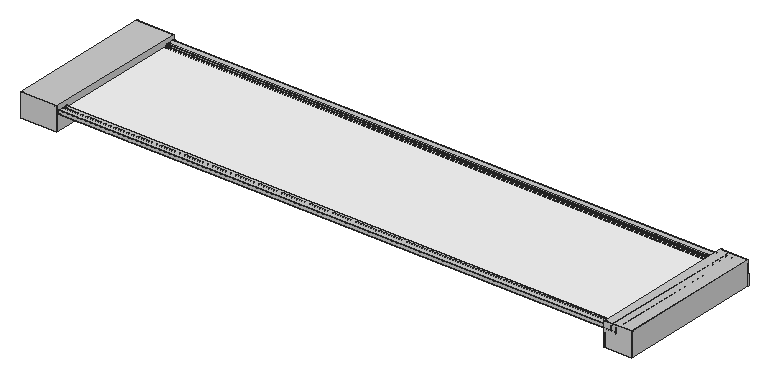
Revit family "DSI-HHS10B_2HR_Horizontal-Fire-Curtain_Jamb_Door-Systems", category Specialty Equipment, Revit 2026
Family settings
  Round Connector Dimension = Use Diameter
  Part Type = Normal
  Classification Number = 23.30.60.17
  Work Plane-Based = No
  Enable Cutting in Views = No
  Always vertical = Yes
  Cut with Voids When Loaded = No
  Maintain Annotation Orientation = No
  Shared = No
  Room Calculation Point = No
Parameters
  Type Comments = ""
  Specifications = "https://www.arcat.com/company/door-systems-50183/spec"
  Specification = ""
  Product Page URL = ""
  Product Information = "https://www.arcat.com/arcatcos/cos50/arc50183.html"
  Primed Steel = "Primed Steel"
  Keynote = "08 33 44"
  Height (TBH) Tail end Box [instance] = 0' - 11.81"
  Description = ""
  Default Elevation = 0' - 0"
  Cost = 0
  Copyright = "Arcat, Inc."
  Curtain Width [instance] = 5' - 3"
  URL = "https://www.doorsysinc.com"
  Width (TBW) Tail end Box [instance] = 1' - 1 3/4"
  Schematic Floor = no
  Power Supply = "120v"
  Open Fire Curtain = yes
  Motor = "INTERNAL, ELECTRIC, TUBULER GEARED CONSTANT SPEED MOTOR"
  Model = "DSI-HHS10B 2HR HorizontalnCurtain Jamb"
  Manufacturer = "Door Systems"
  Width (HBW) Head Box [instance] = 1' - 6 1/2"
  Height (HBH) Head Box [instance] = 0' - 11 3/4"
  Guide Rail = "2 mm THK PRIMED STEEL GUIDE RAIL"
  End Plate = "3mmTHK PRIMED STEEL END PLATES AND BRACKETS"
  Curtain Fabric = "HS690-SS FABRIC- UL 10B"
  Curtain Box = "1.2mmTHK PRIMED STEEL"
  Curtain = Curtain
  Curtain Length [instance] = 23' - 0"
  CAD Details = ""
  Bottom Bar = "2mm THK  PRIMED STEEL  BOTTOM BAR"
  Assembly Code = ""
Reference planes (in)
  plane 1 "Center (Front/Back)": y = 0
  plane 2: z = 0.04835
  plane 3 "Center (Left/Right)": x = 0
  plane 4: y = 48
  plane 5: y = -25.62376
  plane 6: x = -48
  plane 7: x = 260.25
  plane 8: x = -29.5
  plane 9: x = 246.5
  plane 10: y = 43.47244
  plane 11: y = -21.0962
  plane 12: z = 0
  plane 13: z = 11.75
  plane 14: z = 8.30906
  plane 15: x = -34.22047
  plane 16: x = 252.40133
  plane 17: z = 10.90207
  plane 18: y = 47.2126
  plane 19: y = -24.84251
  plane 20: y = -25.57689
  plane 21: y = 47.95312
  plane 22: z = 9.7997
  plane 23: z = 9.75283
  plane 24: z = -0.06
  plane 25: z = -0.01312
  plane 26: z = 11.70276
  plane 27: x = -45.24409
  plane 28: x = -33.76735
  plane 29: x = -47.95312
  plane 30: x = -29.54687
  plane 31: y = -20.31495
  plane 32: y = 42.68505
  plane 33 "Cloth Superior": z = 9.0123
  plane 34: z = 8.96543
Forms (in)
  Extrusion 1, solid, material "Steel, Paint Finish, Dark Gray, Matte"
    sketch origin (0, -119.95313, 0) x (1, 0, 0) y (0, 0, 1)
      loop
        line (-48, 11.65551) -> (-48, -0.06) -> (-29.5, -0.06) -> (-29.5, 11.75) -> (-47.90551, 11.75)
        arc (-47.90551, 11.75) -> (-47.97233, 11.72233) -> (-48, 11.65551) r 0.09449
    from -94.37624 to -94.32936
  Extrusion 2, solid, material "Steel, Paint Finish, Dark Gray, Matte"
    sketch origin (0, -36, 0) x (1, 0, 0) y (0, 0, 1)
      loop
        line (-48, 11.65551) -> (-48, -0.06) -> (-29.5, -0.06) -> (-29.5, 11.75) -> (-47.90551, 11.75)
        arc (-47.90551, 11.75) -> (-47.97233, 11.72233) -> (-48, 11.65551) r 0.09449
    from -84 to -83.95312
  Extrusion 3, solid, material "Steel, Paint Finish, Dark Gray, Matte"
    sketch origin (0, -35.95313, 0) x (1, 0, 0) y (0, 0, 1)
      loop
        line (246.49582, -0.06) -> (260.24582, -0.06) -> (260.24582, 11.65551)
        arc (260.24582, 11.65551) -> (260.21814, 11.72233) -> (260.15133, 11.75) r 0.09449
        line (260.15133, 11.75) -> (246.49582, 11.75) -> (246.49582, -0.06)
    from -10.37624 to -10.32936
  Extrusion 4, solid, material "Steel, Paint Finish, Dark Gray, Matte"
    sketch origin (0, 48, 0) x (1, 0, 0) y (0, 0, 1)
      loop
        line (246.49582, -0.06) -> (260.24582, -0.06) -> (260.24582, 11.65551)
        arc (260.24582, 11.65551) -> (260.21814, 11.72233) -> (260.15133, 11.75) r 0.09449
        line (260.15133, 11.75) -> (246.49582, 11.75) -> (246.49582, -0.06)
    from 0 to 0.04688
  Extrusion 5, solid, material "Galvanized Steel"
    sketch origin (0, 1.56963, 0.2623) x (0, 1, 0) y (0, 0, 1)
      loop
        line (-21.88458, 8.86811) -> (-21.88458, 9.41929)
        arc (-21.88458, 9.41929) -> (-21.91918, 9.50281) -> (-22.00269, 9.5374) r 0.11811
        line (-22.00269, 9.5374) -> (-26.29403, 9.5374)
        arc (-26.29403, 9.5374) -> (-26.37755, 9.50281) -> (-26.41214, 9.41929) r 0.11811
        line (-26.41214, 9.41929) -> (-26.41214, 7.68701)
        arc (-26.41214, 7.68701) -> (-26.37755, 7.60349) -> (-26.29403, 7.5689) r 0.11811
        line (-26.29403, 7.5689) -> (-22.00269, 7.5689)
        arc (-22.00269, 7.5689) -> (-21.91918, 7.60349) -> (-21.88458, 7.68701) r 0.11811
        line (-21.88458, 7.68701) -> (-21.88458, 8.23819)
        arc (-21.88458, 8.23819) -> (-21.91918, 8.32171) -> (-22.00269, 8.3563) r 0.11811
        line (-22.00269, 8.3563) -> (-23.14443, 8.3563)
        arc (-23.14443, 8.3563) -> (-23.22794, 8.32171) -> (-23.26254, 8.23819) r 0.11811
        line (-23.26254, 8.23819) -> (-23.26254, 7.68701) -> (-23.1838, 7.68701) -> (-23.1838, 8.23819)
        arc (-23.1838, 8.23819) -> (-23.17227, 8.26603) -> (-23.14443, 8.27756) r 0.03937
        line (-23.14443, 8.27756) -> (-22.00269, 8.27756)
        arc (-22.00269, 8.27756) -> (-21.97486, 8.26603) -> (-21.96332, 8.23819) r 0.03937
        line (-21.96332, 8.23819) -> (-21.96332, 7.68701)
        arc (-21.96332, 7.68701) -> (-21.97486, 7.65917) -> (-22.00269, 7.64764) r 0.03937
        line (-22.00269, 7.64764) -> (-26.29403, 7.64764)
        arc (-26.29403, 7.64764) -> (-26.32187, 7.65917) -> (-26.3334, 7.68701) r 0.03937
        line (-26.3334, 7.68701) -> (-26.3334, 9.41929)
        arc (-26.3334, 9.41929) -> (-26.32187, 9.44713) -> (-26.29403, 9.45866) r 0.03937
        line (-26.29403, 9.45866) -> (-22.00269, 9.45866)
        arc (-22.00269, 9.45866) -> (-21.97486, 9.44713) -> (-21.96332, 9.41929) r 0.03937
        line (-21.96332, 9.41929) -> (-21.96332, 8.86811)
        arc (-21.96332, 8.86811) -> (-21.97486, 8.84027) -> (-22.00269, 8.82874) r 0.03937
        line (-22.00269, 8.82874) -> (-23.14443, 8.82874)
        arc (-23.14443, 8.82874) -> (-23.17227, 8.84027) -> (-23.1838, 8.86811) r 0.03937
        line (-23.1838, 8.86811) -> (-23.1838, 9.43307) -> (-23.26254, 9.43307) -> (-23.26254, 8.86811)
        arc (-23.26254, 8.86811) -> (-23.22794, 8.78459) -> (-23.14443, 8.75) r 0.11811
        line (-23.14443, 8.75) -> (-22.00269, 8.75)
        arc (-22.00269, 8.75) -> (-21.91918, 8.78459) -> (-21.88458, 8.86811) r 0.11811
    from -29.54687 to 252.40133
  Extrusion 6, solid, material "Steel, Paint Finish, Dark Gray, Matte"
    sketch origin (0, 0, -1.0631) x (0, 1, 0) y (0, 0, 1)
      loop
        line (44.063, 10.79774) -> (43.98426, 10.79774) -> (43.98426, 10.23278)
        arc (43.98426, 10.23278) -> (43.97273, 10.20494) -> (43.94489, 10.19341) r 0.03937
        line (43.94489, 10.19341) -> (42.80316, 10.19341)
        arc (42.80316, 10.19341) -> (42.77532, 10.20494) -> (42.76379, 10.23278) r 0.03937
        line (42.76379, 10.23278) -> (42.76379, 10.78396)
        arc (42.76379, 10.78396) -> (42.77532, 10.8118) -> (42.80316, 10.82333) r 0.03937
        line (42.80316, 10.82333) -> (47.09449, 10.82333)
        arc (47.09449, 10.82333) -> (47.12233, 10.8118) -> (47.13386, 10.78396) r 0.03937
        line (47.13386, 10.78396) -> (47.13386, 9.05167)
        arc (47.13386, 9.05167) -> (47.12233, 9.02383) -> (47.09449, 9.0123) r 0.03937
        line (47.09449, 9.0123) -> (42.80316, 9.0123)
        arc (42.80316, 9.0123) -> (42.77532, 9.02383) -> (42.76379, 9.05167) r 0.03937
        line (42.76379, 9.05167) -> (42.76379, 9.60285)
        arc (42.76379, 9.60285) -> (42.77532, 9.63069) -> (42.80316, 9.64222) r 0.03937
        line (42.80316, 9.64222) -> (43.94489, 9.64222)
        arc (43.94489, 9.64222) -> (43.97273, 9.63069) -> (43.98426, 9.60285) r 0.03937
        line (43.98426, 9.60285) -> (43.98426, 9.05167) -> (44.063, 9.05167) -> (44.063, 9.60285)
        arc (44.063, 9.60285) -> (44.0284, 9.68637) -> (43.94489, 9.72096) r 0.11811
        line (43.94489, 9.72096) -> (42.80316, 9.72096)
        arc (42.80316, 9.72096) -> (42.71964, 9.68637) -> (42.68505, 9.60285) r 0.11811
        line (42.68505, 9.60285) -> (42.68505, 9.05167)
        arc (42.68505, 9.05167) -> (42.71964, 8.96816) -> (42.80316, 8.93356) r 0.11811
        line (42.80316, 8.93356) -> (47.09449, 8.93356)
        arc (47.09449, 8.93356) -> (47.17801, 8.96816) -> (47.2126, 9.05167) r 0.11811
        line (47.2126, 9.05167) -> (47.2126, 10.78396)
        arc (47.2126, 10.78396) -> (47.17801, 10.86747) -> (47.09449, 10.90207) r 0.11811
        line (47.09449, 10.90207) -> (42.80316, 10.90207)
        arc (42.80316, 10.90207) -> (42.71964, 10.86747) -> (42.68505, 10.78396) r 0.11811
        line (42.68505, 10.78396) -> (42.68505, 10.23278)
        arc (42.68505, 10.23278) -> (42.71964, 10.14926) -> (42.80316, 10.11467) r 0.11811
        line (42.80316, 10.11467) -> (43.94489, 10.11467)
        arc (43.94489, 10.11467) -> (44.0284, 10.14926) -> (44.063, 10.23278) r 0.11811
        line (44.063, 10.23278) -> (44.063, 10.79774)
    from -29.5 to 252.40133
  Extrusion 7, solid, material "Curtain", visible <- "Open Fire Curtain"
    sketch origin (0, 0, 9.0123) x (-1, 0, 0) y (0, -1, 0)
      loop
        line (29.5, 21.0962) -> (-252.40133, 21.0962) -> (-252.40133, -43.47244) -> (29.5, -43.47244) -> (29.5, 21.0962)
    from -0.04688 to 0
  Extrusion 8, solid, material "Schematic Floor", visible <- "Schematic Floor"
    sketch origin (0, 0, 2.04687) x (1, 0, 0) y (0, 1, 0)
      loop
        line (-48, -25.57689) -> (260.25, -25.57689) -> (260.25, 48) -> (-48, 48) -> (-48, -25.57689)
      loop
        line (284.24582, 72) -> (-72, 72) -> (-72, -49.57689) -> (284.24582, -49.57689) -> (284.24582, 72)
    from 0 to 9.70313
  Extrusion 9, solid, material "Steel, Paint Finish, Dark Gray, Matte"
    sketch origin (0, 0, 0) x (1, 0, 0) y (0, 0, 1)
      loop
        line (246.49582, 11.75) -> (246.49582, 11.70276) -> (260.15133, 11.70276)
        arc (260.15133, 11.70276) -> (260.18474, 11.68892) -> (260.19857, 11.65551) r 0.04724
        line (260.19857, 11.65551) -> (260.19857, -0.01313) -> (246.54306, -0.01313) -> (246.54306, 6.53009)
        arc (246.54306, 6.53009) -> (246.54939, 6.55371) -> (246.56668, 6.57101) r 0.04724
        line (246.56668, 6.57101) -> (249.57707, 8.30906) -> (252.30684, 8.30906)
        arc (252.30684, 8.30906) -> (252.34025, 8.29522) -> (252.35408, 8.26181) r 0.04724
        line (252.35408, 8.26181) -> (252.35408, 7.68701) -> (252.40133, 7.68701) -> (252.40133, 8.26181)
        arc (252.40133, 8.26181) -> (252.37365, 8.32862) -> (252.30684, 8.3563) r 0.09449
        line (252.30684, 8.3563) -> (249.58368, 8.3563)
        arc (249.58368, 8.3563) -> (249.56237, 8.3523) -> (249.54248, 8.34364) r 0.09639
        line (249.54248, 8.34364) -> (246.54306, 6.61192)
        arc (246.54306, 6.61192) -> (246.50848, 6.57734) -> (246.49582, 6.53009) r 0.09449
        line (246.49582, 6.53009) -> (246.49582, -0.06) -> (260.24582, -0.06) -> (260.24582, 11.65551)
        arc (260.24582, 11.65551) -> (260.21814, 11.72233) -> (260.15133, 11.75) r 0.09449
        line (260.15133, 11.75) -> (246.49582, 11.75)
      loop
        line (250.23597, 8.65797) -> (250.23597, 8.73671) -> (249.8029, 8.73671)
        arc (249.8029, 8.73671) -> (249.74723, 8.75977) -> (249.72416, 8.81545) r 0.07874
        line (249.72416, 8.81545) -> (249.72416, 9.60285)
        arc (249.72416, 9.60285) -> (249.74723, 9.65853) -> (249.8029, 9.68159) r 0.07874
        line (249.8029, 9.68159) -> (252.24385, 9.68159)
        arc (252.24385, 9.68159) -> (252.29953, 9.65853) -> (252.32259, 9.60285) r 0.07874
        line (252.32259, 9.60285) -> (252.32259, 8.81545)
        arc (252.32259, 8.81545) -> (252.29953, 8.75977) -> (252.24385, 8.73671) r 0.07874
        line (252.24385, 8.73671) -> (251.81078, 8.73671) -> (251.81078, 8.65797) -> (252.24385, 8.65797)
        arc (252.24385, 8.65797) -> (252.3552, 8.7041) -> (252.40133, 8.81545) r 0.15748
        line (252.40133, 8.81545) -> (252.40133, 9.60285)
        arc (252.40133, 9.60285) -> (252.3552, 9.71421) -> (252.24385, 9.76033) r 0.15748
        line (252.24385, 9.76033) -> (249.8029, 9.76033)
        arc (249.8029, 9.76033) -> (249.69155, 9.71421) -> (249.64542, 9.60285) r 0.15748
        line (249.64542, 9.60285) -> (249.64542, 8.81545)
        arc (249.64542, 8.81545) -> (249.69155, 8.7041) -> (249.8029, 8.65797) r 0.15748
        line (249.8029, 8.65797) -> (250.23597, 8.65797)
      loop
        line (251.81078, 10.82333) -> (252.24385, 10.82333)
        arc (252.24385, 10.82333) -> (252.29953, 10.80026) -> (252.32259, 10.74459) r 0.07874
        line (252.32259, 10.74459) -> (252.32259, 9.95718)
        arc (252.32259, 9.95718) -> (252.29953, 9.90151) -> (252.24385, 9.87844) r 0.07874
        line (252.24385, 9.87844) -> (249.8029, 9.87844)
        arc (249.8029, 9.87844) -> (249.74723, 9.90151) -> (249.72416, 9.95718) r 0.07874
        line (249.72416, 9.95718) -> (249.72416, 10.74459)
        arc (249.72416, 10.74459) -> (249.74723, 10.80026) -> (249.8029, 10.82333) r 0.07874
        line (249.8029, 10.82333) -> (250.23597, 10.82333) -> (250.23597, 10.90207) -> (249.8029, 10.90207)
        arc (249.8029, 10.90207) -> (249.69155, 10.85594) -> (249.64542, 10.74459) r 0.15748
        line (249.64542, 10.74459) -> (249.64542, 9.95718)
        arc (249.64542, 9.95718) -> (249.69155, 9.84583) -> (249.8029, 9.7997) r 0.15748
        line (249.8029, 9.7997) -> (252.24385, 9.7997)
        arc (252.24385, 9.7997) -> (252.3552, 9.84583) -> (252.40133, 9.95718) r 0.15748
        line (252.40133, 9.95718) -> (252.40133, 10.74459)
        arc (252.40133, 10.74459) -> (252.3552, 10.85594) -> (252.24385, 10.90207) r 0.15748
        line (252.24385, 10.90207) -> (251.81078, 10.90207) -> (251.81078, 10.82333)
    from -47.95312 to 25.57689
  Extrusion 10, solid, material "Steel, Paint Finish, Dark Gray, Matte"
    sketch origin (-2.7556, 0, -3.5) x (1, 0, 0) y (0, 0, 1)
      loop
        line (-45.2444, 3.44) -> (-26.7444, 3.44) -> (-26.7444, 15.25) -> (-45.2444, 15.25) -> (-45.2444, 3.44)
    from -47.95312 to 25.57689
Lines and regions (in)
  symbolic lines
    curve 1: circle (-44.4481, 0, 6.24083) r 1.91535 normal (0, -1, 0)
    curve 2: circle (-44.4481, 0, 6.24083) r 1.50591 normal (0, -1, 0)
    curve 3: circle (-44.4481, 0, 6.24083) r 1.37795 normal (0, -1, 0)
    curve 4: line (-44.45337, 0, 8.57018) -> (-44.44283, 0, 3.91148)
    curve 5: line (-46.77745, 0, 6.23556) -> (-42.11875, 0, 6.2461)
    curve 6: line (-42.11875, 0, 6.2461) -> (-33.09316, 0, 6.2665)
    curve 7: line (-37.56899, 0, 10.72215) -> (-37.5488, 0, 1.79067)
    curve 8: arc (-37.5634, 0, 8.2505) -> (-38.97212, 0, 7.66325) -> (-39.55298, 0, 6.2519) r 1.99409
    curve 9: circle (-37.55889, 0, 6.25641) r 3.54331 normal (0, -1, 0)
    curve 10: line (-44.32021, 0, 8.15191) -> (-37.46315, 0, 7.69302)
    curve 11: line (-37.55564, 0, 4.81661) -> (-44.3106, 0, 4.33042)
    curve 12: circle (-37.55889, 0, 6.25641) r 1.43976 normal (0, -1, 0)
    curve 13: circle (-37.55889, 0, 6.25641) r 1.85236 normal (0, -1, 0)
    curve 14: circle (-37.55889, 0, 6.25641) r 1.99409 normal (0, -1, 0)
    curve 15: line (-34.11021, 0, 9.7997) -> (-37.56691, 0, 9.7997)
    curve 31: circle (251.07062, 0, 4.85876) r 1.43976 normal (0, -1, 0)
    curve 32: line (255.80408, 0, 6.76489) -> (250.93148, 0, 6.29178)
    curve 33: line (251.07062, 0, 6.65057) -> (251.07062, 0, 3.06695)
    curve 34: line (249.27881, 0, 4.85876) -> (252.86243, 0, 4.85876)
    curve 35: circle (251.07292, 0, 4.85876) r 0.83465 normal (0, -1, 0)
    curve 36: circle (251.07292, 0, 4.85876) r 0.71654 normal (0, -1, 0)
    curve 37: line (253.51091, 0, 4.85876) -> (258.47285, 0, 4.85876)
    curve 38: circle (255.99188, 0, 4.85876) r 1.91535 normal (0, -1, 0)
    curve 39: circle (255.99188, 0, 4.85876) r 1.50591 normal (0, -1, 0)
    curve 40: circle (255.99188, 0, 4.85876) r 1.37795 normal (0, -1, 0)
    curve 41: line (251.08935, 0, 3.41912) -> (255.80329, 0, 2.95271)
    curve 42: line (255.99188, 0, 7.33973) -> (255.99188, 0, 2.37779)
  symbolic lines, not visible
    curve 16: circle (-44.45615, 0, 6.29921) r 1.91535 normal (0, -1, 0)
    curve 17: circle (-44.45615, 0, 6.29921) r 1.50591 normal (0, -1, 0)
    curve 18: circle (-44.45615, 0, 6.29921) r 1.37795 normal (0, -1, 0)
    curve 19: line (-44.45615, 0, 8.62857) -> (-44.45615, 0, 3.96985)
    curve 20: line (-46.78551, 0, 6.29921) -> (-42.12679, 0, 6.29921)
    curve 21: line (-42.12679, 0, 6.29921) -> (-33.10118, 0, 6.29921)
    curve 22: line (-37.56693, 0, 10.76496) -> (-37.56693, 0, 1.83346)
    curve 23: arc (-37.56693, 0, 8.29331) -> (-38.97697, 0, 7.70925) -> (-39.56102, 0, 6.29921) r 1.99409
    curve 24: circle (-37.56693, 0, 6.29921) r 3.54331 normal (0, -1, 0)
    curve 25: line (-44.32394, 0, 8.21) -> (-37.46794, 0, 7.73561)
    curve 26: line (-37.56693, 0, 4.85941) -> (-44.32297, 0, 4.38849)
    curve 27: circle (-37.56693, 0, 6.29921) r 1.43976 normal (0, -1, 0)
    curve 28: circle (-37.56693, 0, 6.29921) r 1.85236 normal (0, -1, 0)
    curve 29: circle (-37.56693, 0, 6.29921) r 1.99409 normal (0, -1, 0)
    curve 30: line (-34.11024, 0, 9.8347) -> (-37.56693, 0, 9.84252)
    curve 43: circle (126.25984, 0, 4.92126) r 1.43976 normal (0, -1, 0)
    curve 44: line (130.9933, 0, 6.82739) -> (126.1207, 0, 6.35428)
    curve 45: line (126.25984, 0, 6.71307) -> (126.25984, 0, 3.12945)
    curve 46: line (124.46803, 0, 4.92126) -> (128.05166, 0, 4.92126)
    curve 47: circle (126.26214, 0, 4.92126) r 0.83465 normal (0, -1, 0)
    curve 48: circle (126.26214, 0, 4.92126) r 0.71654 normal (0, -1, 0)
    curve 49: line (128.70013, 0, 4.92126) -> (133.66207, 0, 4.92126)
    curve 50: circle (131.1811, 0, 4.92126) r 1.91535 normal (0, -1, 0)
    curve 51: circle (131.1811, 0, 4.92126) r 1.50591 normal (0, -1, 0)
    curve 52: circle (131.1811, 0, 4.92126) r 1.37795 normal (0, -1, 0)
    curve 53: line (126.27857, 0, 3.48162) -> (130.99251, 0, 3.01521)
    curve 54: line (131.1811, 0, 7.40223) -> (131.1811, 0, 2.44029)
Dimensions and locks (in)
  "Width (HBW) Head Box": plane 6 to plane 8
  "Width (TBW) Tail end Box": plane 9 to plane 7
  plane 6 to plane 7 = 25' - 8 1/4"
  "Curtain Length": plane 8 to plane 9
  plane 4 to plane 5 = 6' - 1.62376"
  locked: plane 11 to plane 5 at 4.52756
  locked: plane 4 to plane 10 at 4.52756
  "Height (HBH) Head Box": plane 13 to plane 12
  locked: plane 13 to plane 14 at 3.44094
  locked: plane 9 to plane 16 at 5.90133
  locked: plane 13 to plane 17 at 0.84793
  locked: plane 4 to plane 18 at 0.7874
  locked: plane 19 to plane 5 at 0.78125
  locked: plane 20 to plane 5 at 0.04687
  locked: plane 4 to plane 21 at 0.04688
  plane 13 to plane 22 to plane 23 = 0' - 1.9503" locked, 0' - 0 3/64" locked
  locked: plane 14 to curve 37 at 3.4503
  locked: curve 33 to plane 16 at 1.33071
  "Height (TBH) Tail end Box": plane 13 to plane 24
  locked: plane 25 to plane 24 at 0.04688
  locked: plane 13 to plane 26 at 0.04724
  locked: level to plane 12 at 0.04835
  locked: plane 30 to plane 8 at 0.04688
  locked: plane 6 to plane 29 at 0.04688
  locked: plane 28 to plane 30 at 4.22047
  "Curtain Width": plane 32 to plane 31
  locked: plane 4 to plane 32 at 5.31495
  locked: plane 31 to plane 5 at 5.30881
  locked: plane 33 "Cloth Superior" to plane 34 at 0.04688
  locked: plane 13 to plane 33 "Cloth Superior" at 2.7377
  aligned and locked: level to plane 2
  aligned and locked: Extrusion 1 to plane 5
  aligned and locked: Extrusion 1 to plane 20
  aligned and locked: Extrusion 2 to plane 21
  aligned and locked: plane 4 to Extrusion 2
  aligned and locked: plane 5 to Extrusion 3
  aligned and locked: Extrusion 3 to plane 20
  aligned and locked: Extrusion 4 to plane 4
  aligned and locked: plane 21 to Extrusion 4
  aligned and locked: plane 19 to Extrusion 5
  aligned and locked: Extrusion 7 to plane 16
  aligned and locked: Extrusion 7 to plane 10
  aligned and locked: Extrusion 7 to plane 11
  aligned and locked: plane 22 to curve 15
  aligned and locked: Extrusion 6 to plane 16
  aligned and locked: Extrusion 5 to plane 16
  aligned and locked: Extrusion 8 to plane 6
  aligned and locked: plane 7 to Extrusion 8
  aligned and locked: Extrusion 8 to plane 20
  aligned and locked: Extrusion 8 to plane 4
  aligned and locked: plane 24 to Extrusion 4
  aligned and locked: plane 24 to Extrusion 3
  aligned and locked: plane 26 to Extrusion 9
  aligned and locked: Extrusion 3 to plane 13
  aligned and locked: plane 24 to Extrusion 9
  aligned and locked: Extrusion 9 to plane 25
  aligned and locked: Extrusion 3 to plane 5
  aligned and locked: Extrusion 9 to Extrusion 8
  aligned and locked: plane 20 to Extrusion 9
  aligned and locked: Extrusion 8 to plane 13
  aligned and locked: Extrusion 9 sketch curve to plane 26
  aligned and locked: Extrusion 9 sketch curve to Extrusion 8
  aligned and locked: plane 21 to Extrusion 10
  aligned and locked: plane 20 to Extrusion 10
  aligned and locked: plane 6 to Extrusion 10 sketch curve
  aligned and locked: Extrusion 10 sketch curve to plane 24
  aligned and locked: plane 13 to Extrusion 10 sketch curve
  aligned and locked: plane 22 to Extrusion 5
  aligned and locked: plane 8 to Extrusion 6
  aligned and locked: plane 8 to Extrusion 7
  aligned and locked: plane 30 to Extrusion 5
  aligned and locked: Extrusion 1 sketch curve to plane 24
  aligned and locked: Extrusion 2 sketch curve to plane 24
  aligned and locked: plane 31 to Extrusion 5
  aligned and locked: plane 32 to Extrusion 6
  aligned and locked: plane 33 "Cloth Superior" to Extrusion 5
  aligned and locked: Extrusion 7 to plane 34
  aligned and locked: plane 33 "Cloth Superior" to Extrusion 7
Automatic sketch dimensions
  plane 6 to Extrusion 1 sketch curve = 0' - 0"
  Extrusion 1 sketch curve to plane 13 = 0' - 0"
  plane 8 to Extrusion 1 sketch curve = 0' - 0"
  Extrusion 1 sketch curve to plane 26 = 0' - 0.04724"
  plane 6 to Extrusion 2 sketch curve = 0' - 0"
  Extrusion 2 sketch curve to plane 13 = 0' - 0"
  plane 8 to Extrusion 2 sketch curve = 0' - 0"
  Extrusion 2 sketch curve to plane 26 = 0' - 0.04724"
  Extrusion 3 sketch curve to plane 24 = 0' - 0"
  Extrusion 3 sketch curve to plane 13 = 0' - 0"
  plane 9 to Extrusion 3 sketch curve = 0' - 0.00418"
  plane 7 to Extrusion 3 sketch curve = 0' - 0.09867"
  plane 7 to Extrusion 3 sketch curve = 0' - 0.00418"
  Extrusion 4 sketch curve to plane 24 = 0' - 0"
  Extrusion 4 sketch curve to plane 13 = 0' - 0"
  plane 9 to Extrusion 4 sketch curve = 0' - 0.00418"
  plane 7 to Extrusion 4 sketch curve = 0' - 0.09867"
  plane 7 to Extrusion 4 sketch curve = 0' - 0.00418"
  Extrusion 5 sketch curve to Extrusion 5 sketch curve = 0' - 0"  (x18)
  Extrusion 5 sketch curve to plane 19 = 0' - 0"
  Extrusion 5 sketch curve to Extrusion 5 sketch curve = 0' - 0.07874"
  Extrusion 5 sketch curve to Extrusion 5 sketch curve = 0' - 0.03937"  (x6)
  Extrusion 5 sketch curve to plane 11 = 0' - 0.5967"  (x2)
  plane 11 to Extrusion 5 sketch curve = 0' - 0.66314"  (x2)
  plane 14 to Extrusion 5 sketch curve = 0' - 0.19144"
  Extrusion 5 sketch curve to Extrusion 5 sketch curve = 0' - 0.55118"  (x2)
  Extrusion 5 sketch curve to Extrusion 5 sketch curve = 0' - 0.3937"
  Extrusion 5 sketch curve to plane 23 = 0' - 0.07124"
  Extrusion 5 sketch curve to plane 23 = 0' - 0.05746"
  Extrusion 6 sketch curve to Extrusion 6 sketch curve = 0' - 0"  (x18)
  Extrusion 6 sketch curve to plane 18 = 0' - 0"
  Extrusion 6 sketch curve to plane 23 = 0' - 0.03197"  (x2)
  Extrusion 6 sketch curve to plane 18 = 0' - 0.07874"
  Extrusion 6 sketch curve to Extrusion 6 sketch curve = 0' - 0.03937"  (x5)
  Extrusion 6 sketch curve to plane 23 = 0' - 0.01819"
  plane 10 to Extrusion 6 sketch curve = 0' - 0.59056"  (x2)
  plane 14 to Extrusion 6 sketch curve = 0' - 0.2307"
  Extrusion 6 sketch curve to plane 10 = 0' - 0.66929"  (x2)
  Extrusion 6 sketch curve to plane 14 = 0' - 0.32048"  (x2)
  Extrusion 6 sketch curve to Extrusion 6 sketch curve = 0' - 0.3937"
  Extrusion 8 sketch curve to plane 6 = 0' - 0"
  Extrusion 8 sketch curve to plane 7 = 0' - 0"
  plane 20 to Extrusion 8 sketch curve = 0' - 0"
  Extrusion 8 sketch curve to plane 4 = 0' - 0"
  plane 6 to Extrusion 8 sketch curve = 2' - 0"
  Extrusion 8 sketch curve to plane 7 = 1' - 11.99582"
  Extrusion 8 sketch curve to plane 5 = 1' - 11 61/64"
  plane 4 to Extrusion 8 sketch curve = 2' - 0"
  Extrusion 9 sketch curve to Extrusion 9 sketch curve = 0' - 0"  (x24)
  Extrusion 9 sketch curve to plane 24 = 0' - 0"
  Extrusion 9 sketch curve to plane 25 = 0' - 0"
  Extrusion 9 sketch curve to plane 14 = 0' - 0"
  Extrusion 9 sketch curve to plane 22 = 0' - 0"
  Extrusion 9 sketch curve to plane 17 = 0' - 0"  (x2)
  plane 16 to Extrusion 9 sketch curve = 0' - 0"  (x3)
  Extrusion 9 sketch curve to Extrusion 9 sketch curve = 0' - 0.04724"
  Extrusion 9 sketch curve to Extrusion 9 sketch curve = 0' - 0.07874"  (x8)
  plane 16 to Extrusion 9 sketch curve = 0' - 0.09449"
  Extrusion 9 sketch curve to plane 23 = 0' - 0.07124"
  Extrusion 9 sketch curve to Extrusion 9 sketch curve = 0' - 0.43307"  (x4)
  Extrusion 9 sketch curve to Extrusion 9 sketch curve = 0' - 1.5748"  (x2)
  plane 14 to Extrusion 9 sketch curve = 0' - 0.34892"
  Extrusion 9 sketch curve to plane 14 = 0' - 0.04889"
  Extrusion 9 sketch curve to Extrusion 9 sketch curve = 0' - 0.21222"
  Extrusion 9 sketch curve to Extrusion 9 sketch curve = 0' - 0.007"
  Extrusion 9 sketch curve to Extrusion 9 sketch curve = 0' - 0.00661"
  plane 14 to Extrusion 9 sketch curve = 0' - 0.03459"
  Extrusion 9 sketch curve to plane 9 = 0' - 0.09031"
  Extrusion 9 sketch curve to Extrusion 9 sketch curve = 0' - 0.02362"
  Extrusion 9 sketch curve to plane 9 = 0' - 0.04306"  (x2)
  plane 9 to Extrusion 9 sketch curve = 0' - 0.00418"  (x2)
  plane 7 to Extrusion 9 sketch curve = 0' - 0.09867"
  Extrusion 9 sketch curve to plane 26 = 0' - 0.04724"
  Extrusion 9 sketch curve to plane 14 = 0' - 1.77896"
  Extrusion 9 sketch curve to Extrusion 9 sketch curve = 0' - 0.5748"
  Extrusion 9 sketch curve to Extrusion 9 sketch curve = 0' - 0.30167"
  Extrusion 10 sketch curve to plane 30 = 0' - 0 3/64"
  plane 10 to Extrusion 7 sketch curve = 0' - 0"
  Extrusion 7 sketch curve to plane 16 = 0' - 0"
  Extrusion 7 sketch curve to plane 8 = 0' - 0"
  plane 11 to Extrusion 7 sketch curve = 0' - 0"
